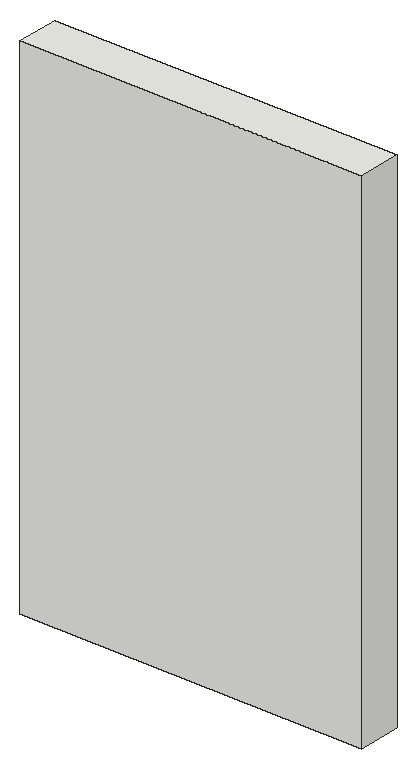
Revit family
Parameters (values of type "SwitchBoard")
  Panel Type = "SWITCHBD"
  Height = 600 mm
  Mounting Height = 1200 mm
  Width = 400 mm
  Depth = 100 mm
Reference planes
  plane 1: y = -75
  plane 2 "Center": x = 30
  plane 3: z = 1800
  plane 4: z = 1200
  plane 5: x = -370
  plane 6: z = 1540
  plane 7: x = -310
  plane 8: x = -170
  plane 9: x = -318.335
  plane 10: x = -18.335
  plane 11 "Wall Face": y = 0
  plane 12: y = 50
Forms (mm)
  Extrusion 1, solid
    sketch origin (-4634.607, 0, 0) x (-1, 0, 0) y (0, 0, 1)
      loop
        line (-4664.607, 1200) -> (-4264.607, 1200) -> (-4264.607, 1800) -> (-4664.607, 1800) -> (-4664.607, 1200)
    from 0 to 50
  Extrusion 2, solid, detail levels medium+fine
    sketch origin (-4634.607, 50, 19.236) x (-1, 0, 0) y (0, 0, 1)
      loop
        line (-4324.607, 1460.764) -> (-4284.451, 1460.764) -> (-4284.451, 1520.764) -> (-4324.607, 1520.764) -> (-4324.607, 1460.764)
    from 0 to 5
Text (mm)
  text "Front" at (992.07, 1398.36, 0), in view "Ref. Level"
  text "Front" at (0, 583.098, 2510.999), in view "Left"
  text "Placement side" at (0, 729.307, 3142.909), in view "Right"
Dimensions and locks
  "Height": plane 4 to plane 3
  "Width": plane 2 "Center" to plane 5
  "Mounting Height": host wall to plane 4
  plane 5 to plane 7 = 60 mm
  plane 6 to plane 3 = 260 mm
  equal spacing: plane 5, plane 8, plane 2 "Center"
  plane 5 to plane 2 "Center" = 400 mm
  plane 11 "Wall Face" to host wall = 0 mm
  plane 11 "Wall Face" to plane 12 = 50 mm
  aligned and locked: plane 1 to host wall
  aligned and locked: plane 2 "Center" to Extrusion 1 sketch curve  (x2)
  aligned and locked: plane 4 to Extrusion 1 sketch curve
  aligned and locked: Extrusion 1 sketch curve to plane 5
  aligned and locked: Extrusion 2 to plane 6
  aligned and locked: Extrusion 2 to plane 7
  aligned and locked: plane 12 to nested 1
Automatic sketch dimensions
  Extrusion 1 sketch curve to plane 3 = 0 mm
  Extrusion 2 sketch curve to plane 7 = 0 mm
  plane 5 to Extrusion 2 sketch curve = 19.843 mm
  Extrusion 2 sketch curve to Extrusion 2 sketch curve = 60 mm
  Extrusion 2 sketch curve to plane 4 = 280 mm
Nested families
  nested 1: "NZ_SwitchBdSymbol" at (-170, 50, 0), type "NZ_SwitchBdSymbol"
Definition of nested family "NZ_SwitchBdSymbol"
  Parameters
    Panel Type = ""
  Reference planes
    plane 1: y = 0
    plane 2: x = 0
  Lines and regions (mm)
    Filled region 1, type "Black"
      outline origin (0, 1.982, 0) x (1, 0, 0) y (0, 1, 0)
        loop
          line (0, 0) -> (5.963, 0) -> (5.963, 1.982) -> (0, 1.982) -> (0, 0)
    Filled region 2, type "Black"
      outline origin (-5.963, 0, 0) x (1, 0, 0) y (0, 1, 0)
        loop
          line (0, 0) -> (5.963, 0) -> (5.963, 1.982) -> (0, 1.982) -> (0, 0)
    Masking region 1
      outline origin (-5.963, 1.982, 0) x (1, 0, 0) y (0, 1, 0)
        loop
          line (0, 0) -> (5.963, 0) -> (5.963, 1.982) -> (0, 1.982) -> (0, 0)
    Masking region 2
      outline origin (0, 0, 0) x (1, 0, 0) y (0, 1, 0)
        loop
          line (0, 0) -> (5.963, 0) -> (5.963, 1.982) -> (0, 1.982) -> (0, 0)
  Text (mm)
    label "Panel Type" at (-0.023, 4.998, 0), shows "Panel Type"
